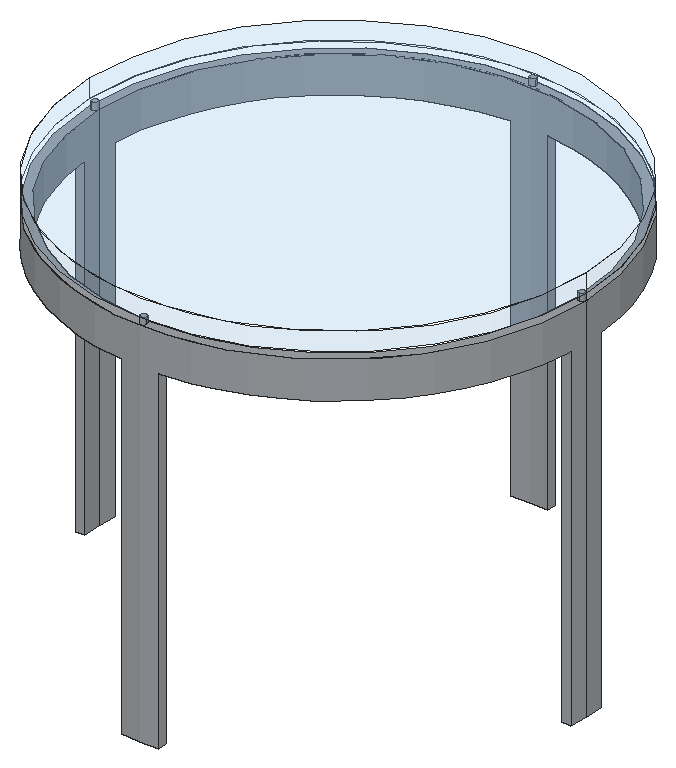
Revit family
Parameters
  URL = "http://www.martinbrattrud.com"
  Table Top [instance] = none
  SCS Certified Product = "Yes"
  Model = "Lundin 1006-20CL"
  Manufacturer = "Martin Brattrud, Inc."
  Leg [instance] = none
  Keynote = "125000"
  Copyright = "© 2013 Martin Brattrud, Inc."
  Authoring Version = "Revit Architecture 2010"
  Assembly Code = "E2020200"
Reference planes (in)
  plane 1 "Center Front/Back": y = 0
  plane 2: z = 0
  plane 3 "Center Left/Right": x = 0
  plane 4: z = 0
  plane 5: z = 16
  plane 6: z = 16
  plane 7: z = 15.25
  plane 8: z = 15
  plane 9: z = 13.5
Forms (in)
  Extrusion 1, solid, material <- "Leg"
    sketch origin (0, 0, 0) x (1, 0, 0) y (0, 1, 0)
      loop
        circle (0, 0) r 10
      loop
        circle (0, 0) r 9.625
    from 0 to 15
  Extrusion 2, void
    sketch origin (0, 0, 0) x (1, 0, 0) y (0, 1, 0)
      loop
        arc (-0.75, 9.97184) -> (-7.07107, 7.07107) -> (-9.97184, 0.75) r 10
        line (-9.97184, 0.75) -> (-0.75, 0.75) -> (-0.75, 9.97184)
      loop
        line (0.75, 9.97184) -> (0.75, 0.75) -> (9.97184, 0.75)
        arc (9.97184, 0.75) -> (7.07107, 7.07107) -> (0.75, 9.97184) r 10
      loop
        line (-0.75, -9.97184) -> (-0.75, -0.75) -> (-9.97184, -0.75)
        arc (-9.97184, -0.75) -> (-7.07107, -7.07107) -> (-0.75, -9.97184) r 10
      loop
        line (9.97184, -0.75) -> (0.75, -0.75) -> (0.75, -9.97184)
        arc (0.75, -9.97184) -> (7.07107, -7.07107) -> (9.97184, -0.75) r 10
    from 0 to 13.5
  Extrusion 3, solid, material <- "Leg"
    sketch origin (0, 0, -4) x (1, 0, 0) y (0, 1, 0)
      loop
        circle (0, 9.79985) r 0.125
      loop
        circle (0, -9.79985) r 0.125
      loop
        circle (-9.79985, 0) r 0.125
      loop
        circle (9.79985, 0) r 0.125
    from 19 to 19.25
  Extrusion 4, solid, material <- "Table Top"
    sketch origin (0, 0, -4) x (1, 0, 0) y (0, 1, 0)
      loop
        circle (0, 0) r 10
    from 19.25 to 20
Cuts and joins
  Extrusion 2 cuts Extrusion 1
